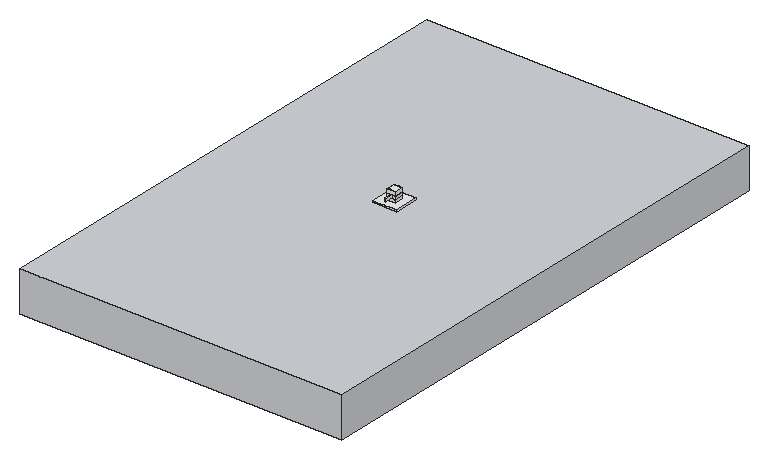
Revit family "Thermostatic_Trim-Dual_Function-Grohe-Eurocube-19927000", category Plumbing Fixtures, host Face, Revit 2019
Family settings
  Host = Face
  Round Connector Dimension = Use Diameter
  Part Type = Normal
  OmniClass Number = 23.45.05.14.17
  OmniClass Title = Showers
  Cut with Voids When Loaded = No
  Shared = Yes
  Room Calculation Point = No
Parameters (values of type "19927000")
  Width = 7 3/16"
  Waste Connection = no
  WFU = 4  # constant formula
  Vent Connection = no
  URL = "https://www.grohe.us/"
  Type Comments = ""
  Revised Date = "05/12/2021"
  Product Page URL = "https://www.grohe.us/Thermostatic-Valves-Trims/Dual-Function-Thermostatic-Valve-Trim/GROHE-CHROME-19927000"
  Product Documentation Link = "https://americanstandard.box.com/shared/static/8h0z1j3nu4i0eksp770cobg5k0j1i92n.pdf"
  Price = "Prices may vary. Please consult Manufacturer Representative for most up-to-date price list."  # constant formula
  Model = "19927000"
  Material = "Metal-Grohe-000-StarLight Chrome"
  Manufacturer = "Grohe"
  Length = if([Handle Length (3-7/16" to 4-5/8")] < 3 7/16", 3 7/16", if([Handle Length (3-7/16" to 4-5/8")] > 4 5/8", 4 5/8", [Handle Length (3-7/16" to 4-5/8")]))  # 3 7/16"
  Installation Type = "Wall Mounted"
  Height = 7 3/16"
  Handle Length (3-7/16" to 4-5/8") = 3 7/16"
  HWFU = 3  # constant formula
  HW Connection = no
  Flow Rate = "6.3 gpm (bottom) and 3.2 gpm (top) at 45 psi"
  Finish = Metal-Grohe-000-StarLight Chrome
  Description = "Eurocube Dual function thermostatic trim with control module"  # constant formula
  Default Elevation = 44"  # constant formula
  Creation Date = "06/29/2017"  # constant formula
  CWFU = 3  # constant formula
  CW Connection = no
  Assembly Code = "D2010710"
  ADA Compliant = yes
Reference planes (in)
  plane 1 "Center (Front/Back)": y = 0
  plane 2: z = 0
  plane 3 "Center (Left/Right)": x = 0
  plane 4: y = 1.25
  plane 5: y = -1.25
  plane 6: x = -1.25
  plane 7: x = 1.25
  plane 8: x = -0.15075
  plane 9: x = 0.15075
  plane 10: x = -3.59375
  plane 11: x = 3.59375
  plane 12: y = 3.59375
  plane 13: y = -3.59375
  plane 14: z = 0.5
  plane 15: y = 1.1875
  plane 16: x = -1.1875
  plane 17: y = -1.1875
  plane 18: x = 1.1875
  plane 19: z = 3.4375
  plane 20: z = 3.40625
Forms (in)
  Extrusion 1, solid
    sketch origin (0, 0, 0) x (1, 0, 0) y (0, 1, 0)
      loop
        line (-48, 72) -> (-48, -79.70833) -> (48, -79.70833) -> (48, 72) -> (-48, 72)
    from 0 to -12
  Extrusion 2, solid, material "Metal-Grohe-000-StarLight Chrome" <- "Finish"
    sketch origin (0, 0, 0) x (1, 0, 0) y (0, 1, 0)
      loop
        line (-3.59375, 3.59375) -> (-3.59375, -3.59375) -> (3.59375, -3.59375) -> (3.59375, 3.59375) -> (-3.59375, 3.59375)
    from 0 to 0.5
  Extrusion 3, solid, material "Metal-Grohe-000-StarLight Chrome" <- "Finish"
    sketch origin (0, 0, 0) x (1, 0, 0) y (0, 1, 0)
      loop
        line (-1.25, 1.25) -> (-1.25, -1.25) -> (1.25, -1.25) -> (1.25, 1.25) -> (-1.25, 1.25)
    from 0.5 to 3.40625
  Extrusion 4, void
    sketch origin (0, 0, 0) x (1, 0, 0) y (0, 1, 0)
      loop
        line (-1.1875, 1.1875) -> (-1.1875, -1.1875) -> (1.1875, -1.1875) -> (1.1875, 1.1875) -> (-1.1875, 1.1875)
      loop
        line (-1.25, 1.25) -> (-1.25, -1.25) -> (1.25, -1.25) -> (1.25, 1.25) -> (-1.25, 1.25)
    from 1.36659 to 1.43215
  Extrusion 5, solid, material "Metal-Grohe-000-StarLight Chrome" <- "Finish"
    sketch origin (0, 0, 0) x (1, 0, 0) y (0, 1, 0)
      loop
        line (-0.15075, -3.34375) -> (0.15075, -3.34375) -> (0.15075, 0) -> (-0.15075, 0) -> (-0.15075, -3.34375)
    from 1.43215 to 2.22193
  Extrusion 6, solid, material "Metal-Grohe-000-StarLight Chrome" <- "Finish"
    sketch origin (0, 0, 0.05985) x (0, 1, 0) y (0, 0, 1)
      loop
        line (1.63208, 3.19753) -> (0.69479, 3.19753) -> (0.69479, 2.40776) -> (1.63208, 2.40776) -> (1.63208, 3.19753)
    from -0.15075 to 0.15075
  Extrusion 7, void
    sketch origin (0, -0.04483, 0.85534) x (1, 0, 0) y (0, 1, 0)
      loop
        line (-1.1875, 1.23233) -> (-1.1875, -1.14267) -> (1.1875, -1.14267) -> (1.1875, 1.23233) -> (-1.1875, 1.23233)
      loop
        line (-1.25, 1.29483) -> (-1.25, -1.20517) -> (1.25, -1.20517) -> (1.25, 1.29483) -> (-1.25, 1.29483)
    from 1.36659 to 1.43215
  Extrusion 8, solid, material "Metal-Grohe-000-StarLight Chrome" <- "Finish"
    sketch origin (0, 0, 0) x (1, 0, 0) y (0, 1, 0)
      loop
        line (-1.1875, 1.1875) -> (-1.1875, -1.1875) -> (1.1875, -1.1875) -> (1.1875, 1.1875) -> (-1.1875, 1.1875)
    from 3.40625 to 3.4375
Cuts and joins
  Extrusion 4, Extrusion 7 cuts Extrusion 2
  Extrusion 4, Extrusion 7 cuts Extrusion 3
  Extrusion 7 cuts Extrusion 5
  joined: Extrusion 2, Extrusion 3, Extrusion 5, Extrusion 6, Extrusion 8
Lines and regions (in)
  Masking region 1
    outline origin (0, 0, 0) x (1, 0, 0) y (0, 0, 1)
      loop
        line (-3.59375, 0) -> (3.59375, 0) -> (3.59375, 0.5) -> (1.25, 0.5) -> (1.25, 1.36659) -> (1.1875, 1.36659) -> (1.1875, 1.43215) -> (1.25, 1.43215) -> (1.25, 2.22193) -> (1.1875, 2.22193) -> (1.1875, 2.28749) -> (1.25, 2.28749) -> (1.25, 3.40625) -> (1.1875, 3.40625) -> (1.1875, 3.4375) -> (-1.1875, 3.4375) -> (-1.1875, 3.40625) -> (-1.25, 3.40625) -> (-1.25, 2.28749) -> (-1.1875, 2.28749) -> (-1.1875, 2.22193) -> (-1.25, 2.22193) -> (-1.25, 1.43215) -> (-1.1875, 1.43215) -> (-1.1875, 1.36659) -> (-1.25, 1.36659) -> (-1.25, 0.5) -> (-3.59375, 0.5) -> (-3.59375, 0)
  symbolic lines, detail levels medium+fine
    curve 1: line (1.25, 0, 0.5) -> (-1.25, 0, 0.5)
    curve 2: line (0.15075, 0, 2.46761) -> (0.15075, 0, 3.25738)
    curve 3: line (-0.15075, 0, 3.25738) -> (-0.15075, 0, 2.46761)
    curve 4: line (0.15075, 0, 3.25738) -> (-0.15075, 0, 3.25738)
    curve 5: line (-0.15075, 0, 2.46761) -> (0.15075, 0, 2.46761)
  symbolic lines, detail levels fine
    curve 6: line (1.1875, 0, 1.36659) -> (-1.1875, 0, 1.36659)
    curve 7: line (1.1875, 0, 1.43215) -> (-1.1875, 0, 1.43215)
    curve 8: line (1.1875, 0, 2.22193) -> (-1.1875, 0, 2.22193)
    curve 9: line (1.1875, 0, 2.28749) -> (-1.1875, 0, 2.28749)
    curve 10: line (1.1875, 0, 3.40625) -> (-1.1875, 0, 3.40625)
Dimensions and locks (in)
  equal spacing: plane 10, plane 3 "Center (Left/Right)", plane 11
  equal spacing: plane 12, plane 1 "Center (Front/Back)", plane 13
  "Width": plane 10 to plane 11
  "Height": plane 12 to plane 13
  locked: plane 14 to Extrusion 1 at 0.5
  equal spacing: plane 6, plane 3 "Center (Left/Right)", plane 7
  equal spacing: plane 4, plane 1 "Center (Front/Back)", plane 5
  plane 4 to plane 5 = 2 1/2"
  plane 6 to plane 7 = 2 1/2"
  equal spacing: plane 8, plane 3 "Center (Left/Right)", plane 9
  locked: Extrusion 5 sketch curve to plane 1 "Center (Front/Back)" at 3.34375
  locked: plane 4 to plane 15 at 0.0625
  locked: plane 5 to plane 17 at 0.0625
  locked: plane 6 to plane 16 at 0.0625
  locked: plane 18 to plane 7 at 0.0625
  "Length": Extrusion 1 to plane 19
  Extrusion 4 to Extrusion 4 to Extrusion 7 to Extrusion 7 to plane 19 = 0.06556" locked, 0.78977" locked, 0.06556" locked, 1.15001" locked
  cut or joined group of Extrusion 2, Extrusion 3, Extrusion 4, Extrusion 5, Extrusion 6, Extrusion 7, Extrusion 8 to cut or joined group of Extrusion 2, Extrusion 3, Extrusion 4, Extrusion 5, Extrusion 6, Extrusion 7, Extrusion 8 to cut or joined group of Extrusion 2, Extrusion 3, Extrusion 4, Extrusion 5, Extrusion 6, Extrusion 7, Extrusion 8 to cut or joined group of Extrusion 2, Extrusion 3, Extrusion 4, Extrusion 5, Extrusion 6, Extrusion 7, Extrusion 8 to plane 19 = 0.78977" locked, 0.24568" locked, 0.78977" locked, 0.18012" locked
  locked: plane 20 to plane 19 at 0.03125
  aligned and locked: plane 2 to Extrusion 1
  aligned and locked: level to Extrusion 1
  aligned and locked: plane 10 to Extrusion 2 sketch curve
  aligned and locked: Extrusion 2 sketch curve to plane 12
  aligned and locked: Extrusion 2 sketch curve to plane 11
  aligned and locked: plane 13 to Extrusion 2 sketch curve
  aligned and locked: Extrusion 2 to plane 14
  aligned and locked: Extrusion 2 to level
  aligned and locked: Extrusion 5 sketch curve to plane 8
  aligned and locked: Extrusion 5 sketch curve to plane 9
  aligned and locked: plane 1 "Center (Front/Back)" to Extrusion 5 sketch curve
  aligned and locked: Extrusion 3 sketch curve to plane 6
  aligned and locked: Extrusion 3 sketch curve to plane 4
  aligned and locked: Extrusion 3 sketch curve to plane 7
  aligned and locked: Extrusion 3 sketch curve to plane 5
  aligned and locked: Extrusion 4 sketch curve to plane 15
  aligned and locked: plane 16 to Extrusion 4 sketch curve
  aligned and locked: Extrusion 4 sketch curve to plane 18
  aligned and locked: plane 17 to Extrusion 4 sketch curve
  aligned and locked: Extrusion 4 sketch curve to plane 5
  aligned and locked: Extrusion 4 sketch curve to plane 7
  aligned and locked: Extrusion 4 sketch curve to plane 4
  aligned and locked: Extrusion 4 sketch curve to plane 6
  aligned and locked: plane 16 to Extrusion 7 sketch curve
  aligned and locked: Extrusion 7 sketch curve to plane 15
  aligned and locked: Extrusion 7 sketch curve to plane 18
  aligned and locked: plane 17 to Extrusion 7 sketch curve
  aligned and locked: Extrusion 7 sketch curve to plane 5
  aligned and locked: Extrusion 7 sketch curve to plane 7
  aligned and locked: Extrusion 7 sketch curve to plane 6
  aligned and locked: Extrusion 7 sketch curve to plane 4
  aligned and locked: Extrusion 3 to Extrusion 2
  aligned and locked: plane 20 to Extrusion 3
  aligned and locked: Extrusion 8 sketch curve to plane 15
  aligned and locked: plane 16 to Extrusion 8 sketch curve
  aligned and locked: plane 17 to Extrusion 8 sketch curve
  aligned and locked: Extrusion 8 sketch curve to plane 18
  aligned and locked: Extrusion 8 to cut or joined group of Extrusion 2, Extrusion 3, Extrusion 4, Extrusion 5, Extrusion 6, Extrusion 7, Extrusion 8
  aligned and locked: Extrusion 8 to plane 19
  aligned and locked: Masking region 1 sketch curve to cut or joined group of Extrusion 2, Extrusion 3, Extrusion 4, Extrusion 5, Extrusion 6, Extrusion 7, Extrusion 8  (x21)
  aligned and locked: Masking region 1 sketch curve to Masking region 1 sketch curve
  aligned and locked: cut or joined group of Extrusion 2, Extrusion 3, Extrusion 4, Extrusion 5, Extrusion 6, Extrusion 7, Extrusion 8 to Masking region 1 sketch curve  (x6)
  aligned and locked: curve 1 to cut or joined group of Extrusion 2, Extrusion 3, Extrusion 4, Extrusion 5, Extrusion 6, Extrusion 7, Extrusion 8
  aligned and locked: cut or joined group of Extrusion 2, Extrusion 3, Extrusion 4, Extrusion 5, Extrusion 6, Extrusion 7, Extrusion 8 to curve 1
  aligned and locked: curve 2 to cut or joined group of Extrusion 2, Extrusion 3, Extrusion 4, Extrusion 5, Extrusion 6, Extrusion 7, Extrusion 8
  aligned and locked: curve 3 to cut or joined group of Extrusion 2, Extrusion 3, Extrusion 4, Extrusion 5, Extrusion 6, Extrusion 7, Extrusion 8
  aligned and locked: curve 4 to cut or joined group of Extrusion 2, Extrusion 3, Extrusion 4, Extrusion 5, Extrusion 6, Extrusion 7, Extrusion 8
  aligned and locked: curve 5 to cut or joined group of Extrusion 2, Extrusion 3, Extrusion 4, Extrusion 5, Extrusion 6, Extrusion 7, Extrusion 8
  aligned and locked: curve 6 to cut or joined group of Extrusion 2, Extrusion 3, Extrusion 4, Extrusion 5, Extrusion 6, Extrusion 7, Extrusion 8  (x2)
  aligned and locked: cut or joined group of Extrusion 2, Extrusion 3, Extrusion 4, Extrusion 5, Extrusion 6, Extrusion 7, Extrusion 8 to curve 7  (x2)
  aligned and locked: curve 8 to cut or joined group of Extrusion 2, Extrusion 3, Extrusion 4, Extrusion 5, Extrusion 6, Extrusion 7, Extrusion 8
  aligned and locked: cut or joined group of Extrusion 2, Extrusion 3, Extrusion 4, Extrusion 5, Extrusion 6, Extrusion 7, Extrusion 8 to curve 8
  aligned and locked: cut or joined group of Extrusion 2, Extrusion 3, Extrusion 4, Extrusion 5, Extrusion 6, Extrusion 7, Extrusion 8 to curve 9  (x2)
  aligned and locked: cut or joined group of Extrusion 2, Extrusion 3, Extrusion 4, Extrusion 5, Extrusion 6, Extrusion 7, Extrusion 8 to curve 10  (x2)
Automatic sketch dimensions
  Extrusion 1 sketch curve to Extrusion 1 sketch curve = 96"
  Extrusion 1 sketch curve to Extrusion 1 sketch curve = 151.70833"
  Extrusion 6 sketch curve to plane 4 = 0.55521"
  plane 4 to Extrusion 6 sketch curve = 0.38208"
  Extrusion 6 sketch curve to Extrusion 6 sketch curve = 0.78977"
  plane 14 to Extrusion 6 sketch curve = 1.96761"
  Masking region 1 sketch curve to plane 14 = 0"
  plane 6 to curve 1 = 0"
  curve 10 to plane 16 = 0"
  curve 8 to plane 16 = 0"
  curve 7 to plane 16 = 0"
  curve 6 to plane 16 = 0"
  curve 9 to plane 16 = 0"
